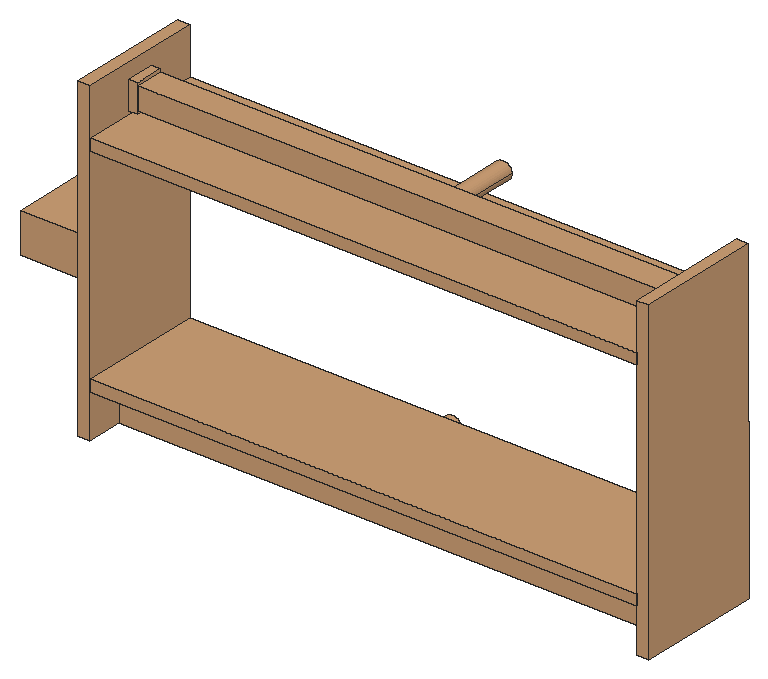
Revit family
Parameters
  Center Of Unit = 0' - 0"  # constant formula
  Water Pressure Drop [instance] = 0.00 psi
  Water Flow [instance] = 0 GPM
  Unit Weight (lbs) = 770
  URL = "http://www.ljwing.com/"
  Water Outlet Radius = 0' - 1 1/2"
  Water Outlet Odd sizes = 0' - 5 23/64"
  Total Heating Capacity [instance] = 0.0 Btu/h
  Temperature Rise [instance] = 0 °F
  Series = "VIFB"
  Outlet Area = 24.10 SF
  Number of Rows = 1  # constant formula
  Number of Coils [instance] = 0
  Nominal Length = 8' - 4 1/2"
  Model = "VB-9"
  Manufacturer = "LJ Wing"
  Leaving Water Temperature [instance] = 0 °F
  Leaving Air Temperature [instance] = 0 °F
  Face Velocity (FPM) [instance] = 0
  Entering Water Temperature [instance] = 0 °F
  Entering Air Temperature [instance] = 0 °F
  Description = "Vertical Integral Face & Bypass Water Heating Coils"
  Hot Water Odd Sizes = 0' - 5 23/64"
  Hot Water Inlet Offset = 0' - 4 3/8"  # constant formula
  Hot Water Inlet  Radius = 0' - 1 1/2"
  Coil Face Area = Outlet Area * 0.56  # 13.496 SF
  Casing Material = ""
  Assembly Code = "D3020300"
  Air Pressure Drop [instance] = 0.00 in-wg
  Air Inlet Width = Nominal Length - 0' 4"  # 8' - 0 1/2"
  Air Inlet Height = Y  # 3' - 0"
  Air Flow [instance] = 0 CFM
  Z = 0' - 2 1/8"
  Y = 3' - 0"
  S = 0' - 9 3/4"
  Product URL = "http://www.ljwing.com/html/vifb.asp"
  OmniClass = "23-75 70 21 14"
  Nominal Height = 4' - 8"
  Nominal Depth = 1' - 10"
  R = 0' - 10 1/4"
  Q = 0' - 5 1/4"
  P = 0' - 5 1/8"
  L = 0' - 5 15/16"
Reference planes (in)
  plane 1 "Center (Front/Back)": y = 0
  plane 2: z = -18
  plane 3 "Center (Left/Right)": x = 0
  plane 4: z = 28.25
  plane 5: x = -50.25
  plane 6: x = 50.25
  plane 7: z = -27.75
  plane 8: z = 0
  plane 9: y = -11
  plane 10: y = 11
  plane 11: z = 18
  plane 12: z = 20
  plane 13: z = -20
  plane 14: x = 48.25
  plane 15: x = -48.25
  plane 16: z = 23.125
  plane 17: z = -21.8125
  plane 18: x = -45
  plane 19: x = 45
  plane 20: y = 13.125
  plane 21: y = 15.375
  plane 22: x = -61.25
  plane 23: x = 5.35938
  plane 24: x = -5.35937
  plane 25: z = 25.125
  plane 26: z = 21.125
  plane 27: y = -2.5
  plane 28: y = 2.5
  plane 29: y = -4.5
Forms (in)
  Extrusion 1, solid, material "Painted Finish"
    sketch origin (0, 6, -9.75) x (1, 0, 0) y (0, 0, 1)
      loop
        line (-50.25, -18) -> (-48.25, -18) -> (-48.25, 38) -> (-50.25, 38) -> (-50.25, -18)
      loop
        line (50.25, -18) -> (50.25, 38) -> (48.25, 38) -> (48.25, -18) -> (50.25, -18)
    from -5 to 17
  Extrusion 2, solid, material "Painted Finish"
    sketch origin (0, 6, 0) x (1, 0, 0) y (0, 0, 1)
      loop
        line (48.25, -18) -> (-48.25, -18) -> (-48.25, -20) -> (48.25, -20) -> (48.25, -18)
      loop
        line (48.25, 18) -> (48.25, 20) -> (-48.25, 20) -> (-48.25, 18) -> (48.25, 18)
    from -5 to 17
  Extrusion 3, solid, material "Painted Finish"
    sketch origin (0, 10, -0.5) x (1, 0, 0) y (0, 0, 1)
      loop
        line (-50.25, 4) -> (-61.25, 4) -> (-61.25, -3) -> (-50.25, -3) -> (-50.25, 4)
    from 0 to 20
  Extrusion 4, solid, material "Painted Finish"
    sketch origin (0, 6, 0) x (1, 0, 0) y (0, 0, 1)
      loop
        line (-46.625, 25.125) -> (-46.625, 21.125) -> (46.625, 21.125) -> (46.625, 25.125) -> (-46.625, 25.125)
    from 3.5 to 8.5
  Extrusion 5, solid, material "Painted Finish"
    sketch origin (0, 0, 0) x (1, 0, 0) y (0, 0, 1)
      loop
        line (-46.625, 20.625) -> (-46.625, 25.625) -> (-48.25, 25.625) -> (-48.25, 20.625) -> (-46.625, 20.625)
      loop
        line (48.25, 20.625) -> (48.25, 25.625) -> (46.625, 25.625) -> (46.625, 20.625) -> (48.25, 20.625)
    from -2.5 to 2.5
  Extrusion 6, solid, material "Painted Finish"
    sketch origin (0, 23, 0) x (1, 0, 0) y (0, 0, 1)
      loop
        circle (5.35938, 23.125) r 1.5
    from 9.875 to 20.5
  Extrusion 7, solid, material "Painted Finish"
    sketch origin (0, 6, 0) x (1, 0, 0) y (0, 0, 1)
      loop
        line (-48.25, -20) -> (-48.25, -27.75) -> (48.25, -27.75) -> (48.25, -20) -> (-48.25, -20)
    from -5 to 10.5
  Extrusion 8, solid, material "Painted Finish"
    sketch origin (0, 23, 0) x (1, 0, 0) y (0, 0, 1)
      loop
        circle (-5.35937, -21.8125) r 1.5
    from 7.625 to 12
  Extrusion 9, void
    sketch origin (0, 0, 0) x (1, 0, 0) y (0, 0, 1)
      loop
        line (-48.25, 18) -> (-48.25, -18) -> (48.25, -18) -> (48.25, 18) -> (-48.25, 18)
    from -11 to 11
Cuts and joins
  Extrusion 9 cuts Extrusion 1
  Extrusion 9 cuts Extrusion 2
Dimensions and locks (in)
  "Nominal Length": plane 6 to plane 5
  equal spacing: plane 6, plane 3 "Center (Left/Right)", plane 5
  "S": plane 2 to plane 7
  "Nominal Depth": plane 10 to plane 9
  equal spacing: plane 10, plane 1 "Center (Front/Back)", plane 9
  "Y": plane 11 to plane 2
  "R": plane 4 to plane 11
  locked: plane 12 to plane 11 at 2
  locked: plane 2 to plane 13 at 2
  "P": plane 4 to plane 16
  "L": plane 17 to plane 7
  "Q": plane 18 to plane 5
  "Q": plane 6 to plane 19
  "Z": plane 20 to plane 10
  "Hot Water Inlet Offset": plane 21 to plane 10
  locked: plane 5 to plane 22 at 11
  locked: Extrusion 3 sketch curve to Extrusion 3 sketch curve at 7
  locked: Extrusion 3 to Extrusion 3 at 20
  locked: plane 6 to plane 14 at 2
  locked: plane 15 to plane 5 at 2
  "Water Outlet Odd sizes": plane 23 to plane 3 "Center (Left/Right)"
  "Hot Water Odd Sizes": plane 3 "Center (Left/Right)" to plane 24
  equal spacing: plane 25, plane 16, plane 26
  locked: Extrusion 5 sketch curve to plane 25 at 0.5
  locked: plane 26 to Extrusion 5 sketch curve at 0.5
  locked: Extrusion 6 sketch curve to plane 16 at 0
  locked: Extrusion 6 sketch curve to plane 23 at 0
  locked: Extrusion 8 sketch curve to plane 17 at 0
  locked: Extrusion 8 sketch curve to plane 24 at 0
  locked: plane 25 to plane 26 at 4
  locked: plane 28 to plane 27 at 5
  equal spacing: plane 28, plane 1 "Center (Front/Back)", plane 27
  locked: plane 27 to plane 29 at 2
  plane 4 to plane 7 = 4' - 8"
  locked: Extrusion 5 sketch curve to Extrusion 1 at 1.625
  locked: Extrusion 5 sketch curve to Extrusion 5 sketch curve at 1.625
  locked: Extrusion 9 sketch curve to plane 11 at 0
  locked: Extrusion 9 sketch curve to plane 15 at 0
  locked: Extrusion 9 sketch curve to plane 14 at 0
  locked: Extrusion 9 sketch curve to plane 2 at 0
  equal spacing: plane 11, plane 8, plane 2
  "Water Outlet Radius": radius of Extrusion 6 sketch curve
  "Hot Water Inlet  Radius": radius of Extrusion 8 sketch curve
  aligned and locked: Extrusion 1 to plane 9
  aligned and locked: Extrusion 1 to plane 10
  aligned and locked: plane 15 to Extrusion 1
  aligned and locked: Extrusion 1 to plane 14
  aligned and locked: plane 9 to Extrusion 2
  aligned and locked: plane 9 to Extrusion 1
  aligned and locked: plane 10 to Extrusion 1  (x2)
  aligned and locked: Extrusion 2 to plane 10
  aligned and locked: plane 10 to Extrusion 2  (x2)
  aligned and locked: Extrusion 2 to plane 9  (x2)
  aligned and locked: plane 5 to Extrusion 3
  aligned and locked: Extrusion 5 sketch curve to plane 15
  aligned and locked: Extrusion 5 sketch curve to Extrusion 4
  aligned and locked: Extrusion 6 to plane 20
  aligned and locked: Extrusion 1 to Extrusion 7
  aligned and locked: plane 10 to Extrusion 8
  aligned and locked: Extrusion 8 to plane 21  (x2)
  aligned and locked: plane 27 to Extrusion 5
  aligned and locked: Extrusion 5 to Extrusion 4  (x2)
  aligned and locked: Extrusion 5 to plane 28
  aligned and locked: Extrusion 6 to Extrusion 4
  aligned and locked: Extrusion 7 to plane 29  (x2)
  aligned and locked: Extrusion 8 to Extrusion 7
  aligned and locked: Extrusion 4 to Extrusion 5  (x2)
  aligned and locked: Extrusion 5 to Extrusion 1  (x2)
  aligned and locked: plane 2 to Extrusion 2
  aligned and locked: plane 6 to Extrusion 1 sketch curve
  aligned and locked: plane 14 to Extrusion 1 sketch curve
  aligned and locked: Extrusion 1 sketch curve to plane 15
  aligned and locked: Extrusion 1 sketch curve to plane 5
  aligned and locked: plane 7 to Extrusion 1 sketch curve  (x2)
  aligned and locked: Extrusion 1 sketch curve to plane 4  (x2)
  aligned and locked: Extrusion 2 sketch curve to plane 11
  aligned and locked: Extrusion 2 sketch curve to plane 12
  aligned and locked: Extrusion 2 sketch curve to plane 14  (x2)
  aligned and locked: Extrusion 2 sketch curve to plane 15  (x2)
  aligned and locked: Extrusion 2 sketch curve to plane 13
  aligned and locked: plane 2 to Extrusion 2 sketch curve
  aligned and locked: plane 13 to Extrusion 7 sketch curve
  aligned and locked: Extrusion 7 sketch curve to plane 7
  aligned and locked: Extrusion 7 sketch curve to plane 14
  aligned and locked: plane 15 to Extrusion 7 sketch curve
  aligned and locked: cut or joined group of Extrusion 1, Extrusion 9 to plane 10
Automatic sketch dimensions
  Extrusion 3 sketch curve to plane 22 = 0' - 0"
  Extrusion 3 sketch curve to plane 5 = 0' - 0"
  plane 8 to Extrusion 3 sketch curve = 0' - 3 1/2"
  Extrusion 4 sketch curve to plane 25 = 0' - 0"
  Extrusion 4 sketch curve to plane 26 = 0' - 0"
  Extrusion 4 sketch curve to plane 18 = 0' - 1 5/8"
  plane 19 to Extrusion 4 sketch curve = 0' - 1 5/8"
  plane 26 to Extrusion 5 sketch curve = 0' - 0 1/2"
  Extrusion 5 sketch curve to plane 25 = 0' - 0 1/2"
Connectors (in)
  hvac at (0, -11, 0), driven by "Air Inlet Height", driven by "Air Inlet Width", driven by "Air Flow", driven by "Air Pressure Drop"
    settings: on Extrusion 9, index 1
  hvac at (0, 11, 0), driven by "Air Pressure Drop", driven by "Air Inlet Height", driven by "Air Inlet Width", driven by "Air Flow"
    settings: on Extrusion 9, index 2
  piping at (5.35938, 13.125, 23.125), driven by "Water Flow", driven by "Water Outlet Radius", driven by "Water Pressure Drop"
    settings: on Extrusion 6, index 3
  piping at (-5.35937, 15.375, -21.8125), driven by "Water Flow", driven by "Water Pressure Drop", driven by "Hot Water Inlet  Radius"
    settings: on Extrusion 8, index 4
